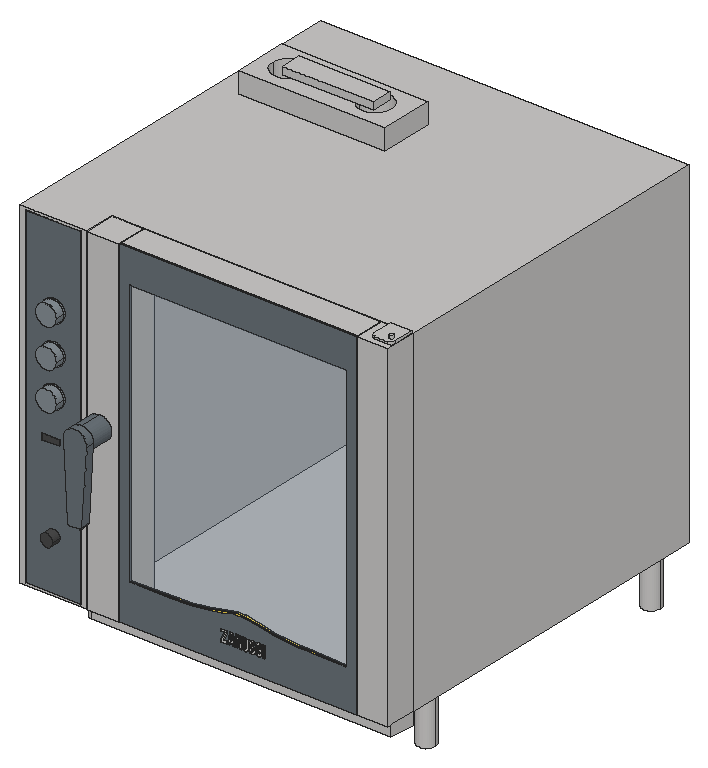
Revit family "QF_ZANUSSI_240473_ZFCG11CSAS", category Specialty Equipment, Revit 2023
Family settings
  Round Connector Dimension = Use Diameter
  Part Type = Normal
  Work Plane-Based = No
  Enable Cutting in Views = No
  Always vertical = Yes
  Cut with Voids When Loaded = No
  Maintain Annotation Orientation = No
  Shared = No
  Room Calculation Point = No
Parameters (values of type "Standard")
  Weight = 136.00 kg
  Watts = 0 W
  Volts = 220 V
  URL Manufacturer = "http://www.zanussiprofessional.com"
  URL = "http://www.zanussiprofessional.com"
  Steam Supply Size = 0 mm
  Steam Supply Minimum Pressure = 0.0 Pa
  Steam Supply Maximum Pressure = 0.0 Pa
  Steam Consumption per Hour = 0
  Show Logo [instance] = yes
  Show Clearance [instance] = yes
  Refrigeration Suction Line Size = 0 mm
  Refrigeration Liquid Line Size = 0 mm
  Refrigerant Compressor Remote = yes
  Default Elevation = 0 mm
  Manufacturer = "Zanussi"
  Phase = 1
  Model = "ZFCG11CSAS"
  Length Actual = 890 mm
  Item Number = "240473"
  Hot Water Size = 0 mm
  Height Actual = 970 mm
  HP = "0.5 HP"
  Gas Size = 12.7 mm
  Gas KW = 18.5
  Gas Input Pressure = 1.1 W
  Direct Waste Size = 25 mm
  Description = "CONVECTION OVEN CW 10 GN 1/1 - GAS"
  Depth Actual = 900 mm
  Cycle = 50 Hz
  Condensate Return Size = 0 mm
  Compressed Air Volume = 0.0 L/s
  Compressed Air Size = 0 mm
  Compressed Air Pressure = 0.0 Pa
  Cold Water Size = 19.05 mm
  Accessory = no
Reference planes
  plane 1 "Center X": y = 96.351
  plane 2: z = 0
  plane 3 "Center Y": x = -330
  plane 4 "LEFT": x = -775
  plane 5 "BACK": y = 551.351
  plane 6 "RIGHT": x = 115
  plane 7 "FRONT": y = -358.649
  plane 8 "FeetLeft": x = -725
  plane 9: y = 501.351
  plane 10 "DoorDepth": y = -283.649
  plane 11 "FeetRight": x = 65
  plane 12 "BASE": z = 130
  plane 13 "TOP": z = 950
  plane 14: z = 0
  plane 15 "1": y = 313.351
  plane 16 "FeetFront": y = -178.649
  plane 17: z = 1018
  plane 18: y = -433.649
  plane 19 "Drain_X": x = -349
  plane 20 "Drain_Y": y = 256.351
  plane 21 "EI_x": x = -676
  plane 22 "EI_y": y = -99.649
  plane 23 "GAS_y": y = 171.351
  plane 24 "Gas_x": x = -692
  plane 25 "CWI_x": x = -659
  plane 26: y = -1044.649
  plane 27: y = 72.351
Forms (mm)
  Extrusion 1, solid, material "QF_Finishes_Stainless Steel"
    sketch origin (0, 73.5, 130) x (-1, 0, 0) y (0, -1, 0)
      loop
        circle (659, 1.149) r 13.2
    from -5 to 0
  Extrusion 2, solid, material "QF_Finishes_Stainless Steel"
    sketch origin (0, 57.5, 130) x (-1, 0, 0) y (0, -1, 0)
      loop
        circle (676, 157.149) r 13.25
    from -5 to 0
  Extrusion 3, solid, material "QF_Finishes_Stainless Steel"
    sketch origin (89, -125, 130) x (-1, 0, 0) y (0, -1, 0)
      loop
        circle (438, -381.351) r 13.25
    from -5 to 0
  Extrusion 4, solid, material "QF_Finishes_Black"
    sketch origin (0, -358.649, 77) x (-1, 0, 0) y (0, 0, 1)
      loop
        circle (693.941, 183.023) r 15
    from 0 to -20
  Extrusion 5, solid, material "QF_Finishes_Stainless Steel"
    sketch origin (15, -153.5, 130) x (-1, 0, 0) y (0, -1, 0)
      loop
        circle (707, -324.851) r 13.25
    from -5 to 0
  Extrusion 6, solid, material "QF_Finishes_Zanussi_Soft Gray"
    sketch origin (0, -358.649, -96) x (-1, 0, 0) y (0, 0, 1)
      loop
        circle (693, 845.824) r 26.676
    from 0 to -3
  Blend 7, solid, material "QF_Finishes_Zanussi_Soft Gray"
    base sketch origin (0, -358.649, -96) x (-1, 0, 0) y (0, 0, 1)
      loop
        circle (693, 845.824) r 25
    top sketch origin (0, -358.649, -96) x (-1, 0, 0) y (0, 0, 1)
      loop
        circle (693, 845.824) r 24.8
    from -3 to -23
  Extrusion 8, solid, material "QF_Finishes_Zanussi_Soft Gray"
    sketch origin (0, -358.649, -105) x (-1, 0, 0) y (0, 0, 1)
      loop
        circle (693, 760.824) r 26.676
    from 0 to -3
  Blend 9, solid, material "QF_Finishes_Zanussi_Soft Gray"
    base sketch origin (0, -358.649, -105) x (-1, 0, 0) y (0, 0, 1)
      loop
        circle (693, 760.824) r 25
    top sketch origin (0, -358.649, -105) x (-1, 0, 0) y (0, 0, 1)
      loop
        circle (693, 760.824) r 24.8
    from -3 to -23
  Extrusion 10, solid, material "QF_Finishes_Zanussi_Soft Gray"
    sketch origin (0, -358.649, 183) x (-1, 0, 0) y (0, 0, 1)
      loop
        circle (693, 380.824) r 26.676
    from 0 to -3
  Blend 11, solid, material "QF_Finishes_Zanussi_Soft Gray"
    base sketch origin (0, -358.649, 183) x (-1, 0, 0) y (0, 0, 1)
      loop
        circle (693, 380.824) r 25
    top sketch origin (0, -358.649, 183) x (-1, 0, 0) y (0, 0, 1)
      loop
        circle (693, 380.824) r 24.8
    from -3 to -23
  Extrusion 12, solid, material "QF_Finishes_Stainless Steel"
    sketch origin (-158.755, 1.577, 1620) x (-1, 0, 0) y (0, -1, 0)
      loop
        line (206.245, -231.774) -> (206.245, -361.774) -> (561.245, -361.774) -> (561.245, -231.774) -> (206.245, -231.774)
      loop
        circle (490.245, -296.774) r 40
      loop
        circle (281.245, -296.774) r 40
    from -670 to -620
  Extrusion 13, solid, material "QF_Finishes_Stainless Steel"
    sketch origin (0, 0, 130) x (-1, 0, 0) y (0, -1, 0)
      loop
        line (775, -551.351) -> (775, 358.649) -> (613, 358.649) -> (613, 283.649) -> (-115, 283.649) -> (-115, -551.351) -> (775, -551.351)
    from 820 to 0
  Extrusion 14, solid, material "QF_Finishes_Zanussi_Dark Gray"
    sketch origin (0, -358.649, 0) x (-1, 0, 0) y (0, 0, 1)
      loop
        line (760, 945) -> (628, 945) -> (628, 135) -> (760, 135) -> (760, 945)
      loop
        line (678.941, 475.023) -> (678.941, 460.023) -> (720.941, 460.023) -> (720.941, 475.023) -> (678.941, 475.023)
    from 0 to 5
  Extrusion 15, void
    sketch origin (0, -358.649, 0) x (-1, 0, 0) y (0, 0, 1)
      loop
        line (760, 945) -> (628, 945) -> (628, 135) -> (760, 135) -> (760, 945)
    from 0 to 5
  Extrusion 16, void
    sketch origin (0, -358.649, 0) x (-1, 0, 0) y (0, 0, 1)
      loop
        line (-87.826, 145) -> (610, 145) -> (610, 930) -> (-87.826, 930) -> (-87.826, 145)
    from 883.561 to 75
  Extrusion 17, solid, material "QF_Finishes_Black"
    sketch origin (-5, -358.649, 195) x (-1, 0, 0) y (0, 0, 1)
      loop
        line (715.941, 280.023) -> (673.941, 280.023) -> (673.941, 265.023) -> (715.941, 265.023) -> (715.941, 280.023)
    from 5 to 0
  Extrusion 18, solid, material "QF_Clearances", detail levels coarse
    sketch origin (0, 0, 0) x (1, 0, 0) y (0, 1, 0)
      loop
        line (-825, -358.649) -> (-775, -358.649) -> (-775, 551.351) -> (115, 551.351) -> (115, -358.649) -> (165, -358.649) -> (165, 601.351) -> (-825, 601.351) -> (-825, -358.649)
    from 950 to 0
  Extrusion 19, solid, material "QF_Finishes_Stainless Steel"
    sketch origin (0, 0, 950) x (-1, 0, 0) y (0, -1, 0)
      loop
        line (645, -323.351) -> (645, -273.351) -> (425, -273.351) -> (425, -323.351) -> (645, -323.351)
    from 68 to 50
Cuts and joins
  Extrusion 15, Extrusion 16 cuts Extrusion 13
Lines and regions (mm)
  symbolic lines
    curve 1: line (-775, -358.649, 1620) -> (-775, 551.351, 1620)
    curve 2: line (-775, 551.351, 1620) -> (115, 551.351, 1620)
    curve 3: line (-613, -283.649, 1620) -> (115, -283.649, 1620)
    curve 4: line (-613, -283.649, 1620) -> (-613, -358.649, 1620)
    curve 5: line (-775, -358.649, 1620) -> (-613, -358.649, 1620)
    curve 6: line (-719.676, -361.649, 1620) -> (-666.324, -361.649, 1620)
    curve 7: line (-719.676, -361.649, 1620) -> (-719.676, -358.649, 1620)
    curve 8: line (-666.324, -361.649, 1620) -> (-666.324, -358.649, 1620)
    curve 9: line (115, 551.351, 1620) -> (115, -358.649, 1620)
    curve 10: line (-717.863, -381.649, 684) -> (-668.2, -381.649, 684)
    curve 11: line (-717.863, -381.649, 684) -> (-718, -361.649, 684)
    curve 12: line (-668.2, -381.649, 684) -> (-668, -361.649, 684)
    curve 18: line (-720, 363.351, 0) -> (-365, 363.351, 0)
    curve 19: line (-720, 233.351, 0) -> (-720, 363.351, 0)
    curve 20: line (-365, 233.351, 0) -> (-720, 233.351, 0)
    curve 21: line (-365, 363.351, 0) -> (-365, 233.351, 0)
    curve 22: arc (-617.775, 273.351, 0) -> (-689, 298.351, 0) -> (-617.775, 323.351, 0) r 40
    curve 23: arc (-471.225, 323.351, 0) -> (-400, 298.351, 0) -> (-471.225, 273.351, 0) r 40
    curve 24: line (-425, 323.351, 0) -> (-645, 323.351, 0)
    curve 25: line (-645, 323.351, 0) -> (-645, 273.351, 0)
    curve 26: line (-645, 273.351, 0) -> (-425, 273.351, 0)
    curve 27: line (-425, 273.351, 0) -> (-425, 323.351, 0)
  symbolic lines, style "QF_Clearances", detail levels coarse
    curve 13: line (-825, -358.649, 0) -> (-825, 601.351, 0)
    curve 14: line (-825, 601.351, 0) -> (165, 601.351, 0)
    curve 15: line (165, 601.351, 0) -> (165, -358.649, 0)
    curve 16: line (165, -358.649, 0) -> (115, -358.649, 0)
    curve 17: line (-825, -358.649, 0) -> (-768.438, -358.649, 0)
Dimensions and locks
  equal spacing: plane 4 "LEFT", plane 3 "Center Y", plane 6 "RIGHT"
  equal spacing: plane 5 "BACK", plane 1 "Center X", plane 7 "FRONT"
  plane 12 "BASE" to plane 14 = 130 mm
  plane 13 "TOP" to plane 12 "BASE" = 820 mm
  plane 13 "TOP" to plane 14 = 950 mm
  plane 5 "BACK" to plane 9 = 50 mm
  plane 9 to plane 16 "FeetFront" = 680 mm
  locked: plane 16 "FeetFront" to plane 7 "FRONT" at 180
  plane 17 to plane 13 "TOP" to plane 12 "BASE" to level = 68 mm, 820 mm, 130 mm
  plane 17 to level = 1018 mm  (x2)
  plane 7 "FRONT" to plane 18 = 75 mm
  plane 5 "BACK" to plane 20 "Drain_Y" = 295 mm
  plane 4 "LEFT" to plane 19 "Drain_X" = 426 mm
  locked: plane 4 "LEFT" to plane 21 "EI_x" at 99
  plane 5 "BACK" to plane 22 "EI_y" = 651 mm
  plane 5 "BACK" to plane 23 "GAS_y" = 380 mm
  plane 4 "LEFT" to plane 24 "Gas_x" = 83 mm
  plane 4 "LEFT" to plane 25 "CWI_x" = 116 mm
  plane 5 "BACK" to plane 15 "1" = 238 mm
  plane 5 "BACK" to plane 26 = 1596 mm
  plane 5 "BACK" to plane 27 = 479 mm
  locked: plane 10 "DoorDepth" to plane 7 "FRONT" at 75
  plane 8 "FeetLeft" to plane 4 "LEFT" = 50 mm
  plane 6 "RIGHT" to plane 11 "FeetRight" = 50 mm
  plane 11 "FeetRight" to plane 8 "FeetLeft" = 790 mm
  plane 5 "BACK" to plane 7 "FRONT" = 910 mm
  plane 4 "LEFT" to plane 6 "RIGHT" = 890 mm
  aligned and locked: level to plane 2
  aligned and locked: plane 12 "BASE" to nested 1
  aligned and locked: plane 12 "BASE" to nested 2
  aligned and locked: plane 12 "BASE" to nested 4
  aligned and locked: plane 12 "BASE" to nested 3
  aligned and locked: nested 5 to plane 10 "DoorDepth"
  aligned and locked: nested 5 to plane 12 "BASE"
  aligned and locked: plane 6 "RIGHT" to nested 5
  aligned and locked: plane 8 "FeetLeft" to nested 4
  aligned and locked: plane 11 "FeetRight" to nested 2
  aligned and locked: plane 11 "FeetRight" to nested 3
  aligned and locked: nested 4 to plane 9
  aligned and locked: nested 3 to plane 9
  aligned and locked: plane 16 "FeetFront" to nested 1
  aligned and locked: plane 16 "FeetFront" to nested 2
Automatic sketch dimensions
  Extrusion 2 sketch curve to plane 21 "EI_x" = 0 mm
  Extrusion 2 sketch curve to plane 22 "EI_y" = 0 mm
  Extrusion 3 sketch curve to plane 19 "Drain_X" = 0 mm
  Extrusion 3 sketch curve to plane 20 "Drain_Y" = 0 mm
  Extrusion 4 sketch curve to plane 24 "Gas_x" = 1.941 mm
  plane 12 "BASE" to Extrusion 4 sketch curve = 130.023 mm
  Extrusion 5 sketch curve to plane 23 "GAS_y" = 0 mm
  Extrusion 5 sketch curve to plane 24 "Gas_x" = 0 mm
  Extrusion 6 sketch curve to plane 24 "Gas_x" = 1 mm
  Extrusion 6 sketch curve to plane 13 "TOP" = 200.176 mm
  Blend 7 sketch curve to plane 24 "Gas_x" = 1 mm  (x2)
  Blend 7 sketch curve to plane 13 "TOP" = 200.176 mm  (x2)
  Extrusion 8 sketch curve to plane 24 "Gas_x" = 1 mm
  Extrusion 8 sketch curve to plane 13 "TOP" = 294.176 mm
  Blend 9 sketch curve to plane 24 "Gas_x" = 1 mm  (x2)
  Blend 9 sketch curve to plane 13 "TOP" = 294.176 mm  (x2)
  Extrusion 10 sketch curve to plane 24 "Gas_x" = 1 mm
  plane 12 "BASE" to Extrusion 10 sketch curve = 433.824 mm
  Blend 11 sketch curve to plane 24 "Gas_x" = 1 mm  (x2)
  plane 12 "BASE" to Blend 11 sketch curve = 433.824 mm  (x2)
  Extrusion 13 sketch curve to plane 5 "BACK" = 0 mm
  Extrusion 13 sketch curve to plane 6 "RIGHT" = 0 mm
  Extrusion 13 sketch curve to plane 10 "DoorDepth" = 0 mm
  Extrusion 13 sketch curve to plane 7 "FRONT" = 0 mm
  Extrusion 13 sketch curve to plane 4 "LEFT" = 0 mm
  plane 21 "EI_x" to Extrusion 13 sketch curve = 63 mm
  Extrusion 15 sketch curve to plane 13 "TOP" = 5 mm
  plane 21 "EI_x" to Extrusion 15 sketch curve = 48 mm
  Extrusion 15 sketch curve to plane 8 "FeetLeft" = 35 mm
  plane 12 "BASE" to Extrusion 15 sketch curve = 5 mm
  Extrusion 16 sketch curve to plane 13 "TOP" = 20 mm
  plane 11 "FeetRight" to Extrusion 16 sketch curve = 22.826 mm
  plane 21 "EI_x" to Extrusion 16 sketch curve = 66 mm
  plane 12 "BASE" to Extrusion 16 sketch curve = 15 mm
  Extrusion 14 sketch curve to plane 13 "TOP" = 5 mm
  plane 21 "EI_x" to Extrusion 14 sketch curve = 48 mm
  Extrusion 14 sketch curve to plane 21 "EI_x" = 2.941 mm
  plane 8 "FeetLeft" to Extrusion 14 sketch curve = 4.059 mm
  plane 4 "LEFT" to Extrusion 14 sketch curve = 15 mm
  plane 12 "BASE" to Extrusion 14 sketch curve = 345.023 mm
  Extrusion 14 sketch curve to Extrusion 14 sketch curve = 15 mm
  plane 12 "BASE" to Extrusion 14 sketch curve = 5 mm
  Extrusion 17 sketch curve to plane 21 "EI_x" = 2.941 mm
  plane 8 "FeetLeft" to Extrusion 17 sketch curve = 4.059 mm
  plane 12 "BASE" to Extrusion 17 sketch curve = 330.023 mm
  Extrusion 17 sketch curve to Extrusion 17 sketch curve = 15 mm
  curve 3 to plane 10 "DoorDepth" = 0 mm
  curve 5 to plane 7 "FRONT" = 0 mm
  curve 2 to plane 4 "LEFT" = 0 mm
  curve 1 to plane 5 "BACK" = 0 mm
  plane 21 "EI_x" to curve 3 = 63 mm
  curve 8 to plane 7 "FRONT" = 3 mm
  plane 21 "EI_x" to curve 8 = 9.676 mm
  plane 8 "FeetLeft" to curve 6 = 5.324 mm
  curve 9 to plane 6 "RIGHT" = 0 mm
  curve 9 to plane 7 "FRONT" = 0 mm
  Extrusion 18 sketch curve to plane 7 "FRONT" = 0 mm  (x2)
  Extrusion 18 sketch curve to plane 4 "LEFT" = 0 mm
  Extrusion 18 sketch curve to plane 5 "BACK" = 0 mm
  Extrusion 18 sketch curve to plane 6 "RIGHT" = 0 mm
  Extrusion 18 sketch curve to Extrusion 18 sketch curve = 50 mm
  plane 6 "RIGHT" to Extrusion 18 sketch curve = 50 mm
  plane 5 "BACK" to Extrusion 18 sketch curve = 50 mm
  Extrusion 1 sketch curve to plane 25 "CWI_x" = 0 mm
  Extrusion 1 sketch curve to plane 27 = 0 mm
  Extrusion 12 sketch curve to plane 19 "Drain_X" = 16 mm
  Extrusion 12 sketch curve to plane 15 "1" = 15 mm  (x2)
  Extrusion 12 sketch curve to plane 19 "Drain_X" = 91 mm
  plane 25 "CWI_x" to Extrusion 12 sketch curve = 10 mm
  plane 15 "1" to Extrusion 12 sketch curve = 50 mm
  Extrusion 12 sketch curve to plane 20 "Drain_Y" = 23 mm
  plane 8 "FeetLeft" to Extrusion 12 sketch curve = 5 mm
  plane 15 "1" to Extrusion 19 sketch curve = 10 mm
  Extrusion 19 sketch curve to plane 19 "Drain_X" = 76 mm
  plane 25 "CWI_x" to Extrusion 19 sketch curve = 14 mm
  plane 20 "Drain_Y" to Extrusion 19 sketch curve = 17 mm
  curve 13 to plane 7 "FRONT" = 0 mm
  curve 16 to plane 6 "RIGHT" = 0 mm
  curve 16 to plane 7 "FRONT" = 0 mm
  curve 21 to plane 19 "Drain_X" = 16 mm
  plane 15 "1" to curve 24 = 10 mm
  curve 24 to curve 18 = 60 mm
  curve 23 to curve 26 = 15 mm
  plane 25 "CWI_x" to curve 25 = 14 mm
  plane 25 "CWI_x" to curve 22 = 10 mm
  plane 8 "FeetLeft" to curve 19 = 5 mm
  curve 17 to plane 4 "LEFT" = 50 mm
  plane 6 "RIGHT" to curve 15 = 50 mm
  curve 20 to plane 20 "Drain_Y" = 23 mm
  curve 22 to plane 15 "1" = 15 mm
  curve 23 to plane 15 "1" = 15 mm
  plane 15 "1" to curve 18 = 50 mm
  plane 5 "BACK" to curve 14 = 50 mm
  curve 23 to curve 23 = 31.225 mm
  plane 20 "Drain_Y" to curve 23 = 17 mm
  curve 24 to curve 22 = 27.225 mm
  plane 4 "LEFT" to curve 17 = 6.562 mm
  plane 21 "EI_x" to curve 12 = 7.8 mm
  curve 12 to plane 7 "FRONT" = 23 mm
  curve 12 to plane 7 "FRONT" = 3 mm
  plane 21 "EI_x" to curve 12 = 8 mm
  plane 8 "FeetLeft" to curve 11 = 7.137 mm
  curve 11 to plane 7 "FRONT" = 3 mm
  plane 8 "FeetLeft" to curve 11 = 7 mm
  radius of Extrusion 2 sketch curve = 13.25 mm
  radius of Extrusion 3 sketch curve = 13.25 mm
  radius of Extrusion 4 sketch curve = 15 mm
  radius of Extrusion 5 sketch curve = 13.25 mm
  radius of Extrusion 6 sketch curve = 26.676 mm
  radius of Blend 7 sketch curve = 25 mm
  radius of Blend 7 sketch curve = 24.8 mm
  radius of Extrusion 8 sketch curve = 26.676 mm
  radius of Blend 9 sketch curve = 25 mm
  radius of Blend 9 sketch curve = 24.8 mm
  radius of Extrusion 10 sketch curve = 26.676 mm
  radius of Blend 11 sketch curve = 25 mm
  radius of Blend 11 sketch curve = 24.8 mm
  radius of Extrusion 1 sketch curve = 13.2 mm
  radius of Extrusion 12 sketch curve = 40 mm  (x2)
Nested families
  nested 1: "Foot" at (-725, -178.649, 0), type "Foot"
    with Ø 22 mm, H 130 mm
  nested 2: "Foot" at (65, -178.649, 0), type "Foot"
    with Ø 22 mm, H 130 mm
  nested 3: "Foot" at (65, 501.351, 0), type "Foot"
    with Ø 22 mm, H 130 mm
  nested 4: "Foot" at (-725, 501.351, 0), type "Foot"
    with Ø 22 mm, H 130 mm
  nested 5: "ZAN_DOOR_CROSSWISE_H820" at (115, -286.649, 0), type "ZAN_DOOR_CROSSWISE_H820"
    with Show Clearance yes
Connectors
  piping at (-349, 256.351, 125), diameter 25, driven by "Direct Waste Size"
    settings: on Extrusion 3, index 6, connector inside diameter 609.6 mm, connector length 0 mm, flow factor 0, pipe flow 0.0 L/s, pressure drop 0.0 Pa, fitting loss kfactor 0, connector angle 0.00°, fixture units 0, engagement length 0 mm, angle of deflection 0.00°, flow configuration 0, flow direction 2, fitting loss method 0, system type 16, joint type 0, gender type 0, connector reference index -1, connector utility 0, adjustable connector no, is connector primary yes, connector description "Drain"
  electrical at (-676, -99.649, 125)
    settings: on Extrusion 2, index 7, voltage 0 V, apparent load 0 VA, apparent load phase1 0 VA, apparent load phase2 0 VA, apparent load phase3 0 VA, power factor 1, load classification "Altro", number of poles 1, system type 30, power factor state 1, is connector primary yes, connector utility no, sub classification motor no, connector description "Electrical Connection"
  piping at (-659, 72.351, 125), diameter 19.05, driven by "Cold Water Size"
    settings: on Extrusion 1, index 8, connector inside diameter 609.6 mm, connector length 0 mm, flow factor 0, pipe flow 0.0 L/s, pressure drop 0.0 Pa, fitting loss kfactor 0, connector angle 0.00°, fixture units 0, engagement length 0 mm, angle of deflection 0.00°, flow configuration 0, flow direction 1, fitting loss method 0, system type 20, joint type 0, gender type 0, connector reference index -1, connector utility 0, adjustable connector no, is connector primary no, connector description "Cold Water Inlet"
  piping at (-692, 171.351, 125), diameter 26.4
    settings: on Extrusion 5, index 9, connector inside diameter 609.6 mm, connector length 0 mm, flow factor 0, pipe flow 0.0 L/s, pressure drop 0.0 Pa, fitting loss kfactor 0, connector angle 0.00°, fixture units 0, engagement length 0 mm, angle of deflection 0.00°, flow configuration 0, flow direction 1, fitting loss method 0, system type 7, joint type 0, gender type 0, connector reference index -1, connector utility 0, adjustable connector no, is connector primary no, connector description "Gas Connection"
Definition of nested family "Foot"
  Parameters
    Ø [instance] = 20 mm
    Default Elevation = 0 mm
    H [instance] = 50 mm
  Reference planes
    plane 1 "Centro (Fronte/Retro)": y = 0
    plane 2: z = 0
    plane 3 "Centro (Sinistra/Destra)": x = 0
    plane 4: z = 50
  Forms (mm)
    Revolve 1, solid
      sketch origin (255.05, 0, 608.09) x (0, 0, 1) y (-1, 0, 0)
        loop
          line (-608.09, 255.05) -> (-608.09, 235.05) -> (-558.09, 235.05) -> (-558.09, 255.05) -> (-608.09, 255.05)
        axis (-608.09, 255.05) -> (-558.09, 255.05)
      angle from 0 to 360
  Dimensions and locks
    "H": plane 4 to plane 2
    "Ø": Revolve 1 sketch curve to Revolve 1 sketch curve
    aligned and locked: level to plane 2
    aligned and locked: plane 4 to Revolve 1 sketch curve
    aligned and locked: Revolve 1 sketch curve to level
    aligned and locked: plane 3 "Centro (Sinistra/Destra)" to Revolve 1 sketch curve
  Automatic sketch dimensions
    Revolve 1 sketch curve to plane 3 "Centro (Sinistra/Destra)" = 0 mm
    Revolve 1 sketch curve to Revolve 1 sketch curve = 50 mm
    Revolve 1 sketch curve to Revolve 1 sketch curve = 20 mm
Definition of nested family "ZAN_DOOR_CROSSWISE_H820"
  Parameters (values of type "ZAN_DOOR_CROSSWISE_H820")
    sp_Lama = 5 mm
    Z_Maniglia = 405 mm
    W_Door = 725 mm
    Show Clearance [instance] = yes
    Default Elevation = 0 mm
    H_Feet = 130 mm
    H_FasciaTop = 75 mm
    H_Door = 820 mm
    W_fasce = 75 mm
    Direct Waste Size = 25 mm
  Reference planes
    plane 1 "Center (Front/Back)": y = 3
    plane 2: z = 0
    plane 3 "Center (Left/Right)": x = 0
    plane 4 "Top": z = 950
    plane 5 "Feet": z = 130
    plane 6 "Front": y = -72
    plane 7: z = 945
    plane 8: z = 870
    plane 9: x = -625
    plane 10: x = -75
    plane 11: x = -725
    plane 12: x = -650
    plane 13: x = -100
    plane 14: x = -649
    plane 15: x = -76
    plane 16: z = 154
    plane 17: z = 535
    plane 18: x = -697
  Forms (mm)
    Extrusion 1, solid
      sketch origin (0, -72, 0) x (0, 0, -1) y (-1, 0, 0)
        loop
          line (-950, 725) -> (-950, 650) -> (-130, 650) -> (-130, 725) -> (-950, 725)
        loop
          line (-950, 0) -> (-130, 0) -> (-130, 75) -> (-950, 75) -> (-950, 0)
      from 0 to 75
    Extrusion 2, solid
      sketch origin (0, -72, 0) x (0, 0, -1) y (-1, 0, 0)
        loop
          line (-226.277, 625) -> (-870, 625) -> (-870, 100) -> (-226.277, 100) -> (-226.277, 179.596) -> (-226.464, 194.035) -> (-226.816, 214.136)
          arc (-226.816, 214.136) -> (-227.121, 224.207) -> (-227.693, 234.266) r 381.251
          arc (-227.693, 234.266) -> (-229.438, 254.344) -> (-232.142, 274.315) r 421.149
          arc (-232.142, 274.315) -> (-235.022, 290.185) -> (-238.297, 305.979) r 647.683
          arc (-238.297, 305.979) -> (-241.149, 319.693) -> (-243.677, 333.471) r 593.178
          arc (-243.677, 333.471) -> (-244.098, 337.378) -> (-244.435, 341.294) r 181.693
          arc (-244.435, 341.294) -> (-244.748, 347.295) -> (-244.843, 353.303) r 166.118
          arc (-244.843, 353.303) -> (-244.747, 359.31) -> (-244.433, 365.309) r 166.118
          arc (-244.433, 365.309) -> (-244.097, 369.204) -> (-243.677, 373.091) r 181.693
          arc (-243.677, 373.091) -> (-241.149, 386.869) -> (-238.297, 400.583) r 593.179
          arc (-238.297, 400.583) -> (-235.025, 416.365) -> (-232.147, 432.223) r 647.683
          arc (-232.147, 432.223) -> (-229.444, 452.168) -> (-227.698, 472.219) r 421.148
          arc (-227.698, 472.219) -> (-227.123, 482.317) -> (-226.816, 492.426) r 381.251
          line (-226.816, 492.426) -> (-226.464, 512.527) -> (-226.277, 526.966) -> (-226.277, 625)
        loop
          line (-130, 76) -> (-130, 649) -> (-950, 649) -> (-950, 76) -> (-130, 76)
      from 0 to 5
    Extrusion 3, void
      sketch origin (-100, -72, 0) x (-1, 0, 0) y (0, 0, 1)
        loop
          line (288.603, 173.973) -> (303.509, 173.973) -> (303.509, 179.706) -> (295.318, 196.905) -> (302.853, 196.741) -> (302.853, 201.982) -> (288.603, 201.982) -> (288.603, 197.232) -> (297.201, 179.706) -> (288.603, 179.706) -> (288.603, 173.973)
        loop
          line (280.375, 184.456) -> (278.737, 197.195) -> (277.1, 184.456) -> (280.375, 184.456)
        loop
          line (281.849, 173.973) -> (287.746, 173.973) -> (282.669, 201.982) -> (274.806, 201.982) -> (269.565, 173.973) -> (275.461, 173.973) -> (276.281, 179.378) -> (281.031, 179.378) -> (281.849, 173.973)
        loop
          line (268.839, 201.982) -> (262.778, 201.982) -> (258.028, 184.128) -> (258.028, 201.982) -> (252.786, 201.982) -> (252.786, 173.973) -> (259.011, 173.973) -> (263.761, 192.482) -> (263.761, 173.973) -> (268.839, 173.973) -> (268.839, 201.982)
        loop
          line (251.476, 180.9) -> (251.476, 201.982) -> (245.743, 201.982) -> (245.743, 180.689)
          arc (245.743, 180.689) -> (243.81, 179.443) -> (242.303, 181.18) r 1.755
          line (242.303, 181.18) -> (242.303, 201.982) -> (236.57, 201.982) -> (236.57, 179.87)
          arc (236.57, 179.87) -> (244.469, 173.928) -> (251.476, 180.9) r 7.548
        loop
          line (225.923, 193.137) -> (225.923, 196.183)
          arc (225.923, 196.183) -> (228.232, 197.801) -> (229.849, 195.492) r 1.993
          arc (229.849, 195.492) -> (229.394, 194.205) -> (228.544, 193.137) r 4.132
          line (228.544, 193.137) -> (222.261, 187.482)
          arc (222.261, 187.482) -> (220.244, 183.234) -> (220.358, 178.532) r 10.152
          arc (220.358, 178.532) -> (226.648, 173.979) -> (234.116, 176.106) r 8.889
          arc (234.116, 176.106) -> (235.696, 179.791) -> (235.751, 183.801) r 10.311
          line (235.751, 183.801) -> (230.033, 183.801)
          arc (230.033, 183.801) -> (230.009, 183.099) -> (230.033, 182.396) r 10.165
          arc (230.033, 182.396) -> (230.059, 181.653) -> (230.033, 180.91) r 10.759
          arc (230.033, 180.91) -> (229.7, 179.855) -> (228.922, 179.068) r 2.359
          arc (228.922, 179.068) -> (226.339, 179.656) -> (226.065, 182.291) r 2.275
          arc (226.065, 182.291) -> (227.174, 183.799) -> (228.6, 185.01) r 8.056
          line (228.6, 185.01) -> (231.016, 187.151)
          arc (231.016, 187.151) -> (233.167, 189.4) -> (234.919, 191.972) r 18.895
          arc (234.919, 191.972) -> (235.183, 196.623) -> (233.05, 200.765) r 8.857
          arc (233.05, 200.765) -> (227.818, 202.471) -> (222.586, 200.765) r 8.876
          arc (222.586, 200.765) -> (220.806, 198.522) -> (220.429, 195.684) r 5.378
          line (220.429, 195.684) -> (220.518, 193.137) -> (225.923, 193.137)
        loop
          line (209.587, 193.137) -> (209.587, 196.183)
          arc (209.587, 196.183) -> (211.896, 197.801) -> (213.513, 195.492) r 1.993
          arc (213.513, 195.492) -> (213.058, 194.205) -> (212.208, 193.137) r 4.132
          line (212.208, 193.137) -> (205.924, 187.482)
          arc (205.924, 187.482) -> (203.908, 183.234) -> (204.022, 178.532) r 10.152
          arc (204.022, 178.532) -> (210.312, 173.979) -> (217.779, 176.106) r 8.889
          arc (217.779, 176.106) -> (219.36, 179.791) -> (219.415, 183.801) r 10.311
          line (219.415, 183.801) -> (213.696, 183.801)
          arc (213.696, 183.801) -> (213.672, 183.099) -> (213.696, 182.396) r 10.165
          arc (213.696, 182.396) -> (213.722, 181.653) -> (213.696, 180.91) r 10.759
          arc (213.696, 180.91) -> (213.363, 179.855) -> (212.586, 179.068) r 2.359
          arc (212.586, 179.068) -> (210.003, 179.656) -> (209.729, 182.291) r 2.275
          arc (209.729, 182.291) -> (210.837, 183.799) -> (212.264, 185.01) r 8.056
          line (212.264, 185.01) -> (214.679, 187.151)
          arc (214.679, 187.151) -> (216.83, 189.4) -> (218.583, 191.972) r 18.895
          arc (218.583, 191.972) -> (218.847, 196.623) -> (216.714, 200.765) r 8.857
          arc (216.714, 200.765) -> (211.482, 202.471) -> (206.25, 200.765) r 8.876
          arc (206.25, 200.765) -> (204.469, 198.522) -> (204.093, 195.684) r 5.378
          line (204.093, 195.684) -> (204.182, 193.137) -> (209.587, 193.137)
        loop
          line (202.992, 201.982) -> (197.259, 201.982) -> (197.259, 173.973) -> (202.992, 173.973) -> (202.992, 201.982)
      from 0 to 2
    Extrusion 4, solid
      sketch origin (0, -72, 0) x (0, 0, -1) y (-1, 0, 0)
        loop
          line (-173.973, 388.603) -> (-173.973, 403.509) -> (-179.706, 403.509) -> (-196.905, 395.318) -> (-196.741, 402.853) -> (-201.982, 402.853) -> (-201.982, 388.603) -> (-197.232, 388.603) -> (-179.706, 397.201) -> (-179.706, 388.603) -> (-173.973, 388.603)
        loop
          line (-184.456, 380.375) -> (-197.195, 378.737) -> (-184.456, 377.1) -> (-184.456, 380.375)
        loop
          line (-173.973, 381.849) -> (-173.973, 387.746) -> (-201.982, 382.669) -> (-201.982, 374.806) -> (-173.973, 369.565) -> (-173.973, 375.461) -> (-179.378, 376.281) -> (-179.378, 381.031) -> (-173.973, 381.849)
        loop
          line (-201.982, 368.839) -> (-201.982, 362.778) -> (-184.128, 358.028) -> (-201.982, 358.028) -> (-201.982, 352.786) -> (-173.973, 352.786) -> (-173.973, 359.011) -> (-192.482, 363.761) -> (-173.973, 363.761) -> (-173.973, 368.839) -> (-201.982, 368.839)
        loop
          line (-180.9, 351.476) -> (-201.982, 351.476) -> (-201.982, 345.743) -> (-180.689, 345.743)
          arc (-180.689, 345.743) -> (-179.443, 343.81) -> (-181.18, 342.303) r 1.755
          line (-181.18, 342.303) -> (-201.982, 342.303) -> (-201.982, 336.57) -> (-179.87, 336.57)
          arc (-179.87, 336.57) -> (-173.928, 344.469) -> (-180.9, 351.476) r 7.548
        loop
          line (-193.137, 325.923) -> (-196.183, 325.923)
          arc (-196.183, 325.923) -> (-197.801, 328.232) -> (-195.492, 329.849) r 1.993
          arc (-195.492, 329.849) -> (-194.205, 329.394) -> (-193.137, 328.544) r 4.132
          line (-193.137, 328.544) -> (-187.482, 322.261)
          arc (-187.482, 322.261) -> (-183.234, 320.244) -> (-178.532, 320.358) r 10.152
          arc (-178.532, 320.358) -> (-173.979, 326.648) -> (-176.106, 334.116) r 8.889
          arc (-176.106, 334.116) -> (-179.791, 335.696) -> (-183.801, 335.751) r 10.311
          line (-183.801, 335.751) -> (-183.801, 330.033)
          arc (-183.801, 330.033) -> (-183.099, 330.009) -> (-182.396, 330.033) r 10.165
          arc (-182.396, 330.033) -> (-181.653, 330.059) -> (-180.91, 330.033) r 10.759
          arc (-180.91, 330.033) -> (-179.855, 329.7) -> (-179.068, 328.922) r 2.359
          arc (-179.068, 328.922) -> (-179.656, 326.339) -> (-182.291, 326.065) r 2.275
          arc (-182.291, 326.065) -> (-183.799, 327.174) -> (-185.01, 328.6) r 8.056
          line (-185.01, 328.6) -> (-187.151, 331.016)
          arc (-187.151, 331.016) -> (-189.4, 333.167) -> (-191.972, 334.919) r 18.895
          arc (-191.972, 334.919) -> (-196.623, 335.183) -> (-200.765, 333.05) r 8.857
          arc (-200.765, 333.05) -> (-202.471, 327.818) -> (-200.765, 322.586) r 8.876
          arc (-200.765, 322.586) -> (-198.522, 320.806) -> (-195.684, 320.429) r 5.378
          line (-195.684, 320.429) -> (-193.137, 320.518) -> (-193.137, 325.923)
        loop
          line (-193.137, 309.587) -> (-196.183, 309.587)
          arc (-196.183, 309.587) -> (-197.801, 311.896) -> (-195.492, 313.513) r 1.993
          arc (-195.492, 313.513) -> (-194.205, 313.058) -> (-193.137, 312.208) r 4.132
          line (-193.137, 312.208) -> (-187.482, 305.924)
          arc (-187.482, 305.924) -> (-183.234, 303.908) -> (-178.532, 304.022) r 10.152
          arc (-178.532, 304.022) -> (-173.979, 310.312) -> (-176.106, 317.779) r 8.889
          arc (-176.106, 317.779) -> (-179.791, 319.36) -> (-183.801, 319.415) r 10.311
          line (-183.801, 319.415) -> (-183.801, 313.696)
          arc (-183.801, 313.696) -> (-183.099, 313.672) -> (-182.396, 313.696) r 10.165
          arc (-182.396, 313.696) -> (-181.653, 313.722) -> (-180.91, 313.696) r 10.759
          arc (-180.91, 313.696) -> (-179.855, 313.363) -> (-179.068, 312.586) r 2.359
          arc (-179.068, 312.586) -> (-179.656, 310.003) -> (-182.291, 309.729) r 2.275
          arc (-182.291, 309.729) -> (-183.799, 310.837) -> (-185.01, 312.264) r 8.056
          line (-185.01, 312.264) -> (-187.151, 314.679)
          arc (-187.151, 314.679) -> (-189.4, 316.83) -> (-191.972, 318.583) r 18.895
          arc (-191.972, 318.583) -> (-196.623, 318.847) -> (-200.765, 316.714) r 8.857
          arc (-200.765, 316.714) -> (-202.471, 311.482) -> (-200.765, 306.25) r 8.876
          arc (-200.765, 306.25) -> (-198.522, 304.469) -> (-195.684, 304.093) r 5.378
          line (-195.684, 304.093) -> (-193.137, 304.182) -> (-193.137, 309.587)
        loop
          line (-201.982, 302.992) -> (-201.982, 297.259) -> (-173.973, 297.259) -> (-173.973, 302.992) -> (-201.982, 302.992)
      from 0 to 2
    Extrusion 5, solid
      sketch origin (0, -72, 0) x (0, 0, -1) y (-1, 0, 0)
        loop
          line (-945, 649) -> (-945, 625) -> (-154, 625) -> (-154, 100) -> (-945, 100) -> (-945, 76) -> (-130, 76) -> (-130, 649) -> (-945, 649)
      from 5 to 75
    Extrusion 6, solid
      sketch origin (0, -72, 0) x (0, 0, -1) y (-1, 0, 0)
        loop
          line (-945, 625) -> (-945, 100) -> (-154, 100) -> (-154, 625) -> (-945, 625)
      from 75 to 70
    Extrusion 7, solid
      sketch origin (0, -72, 0) x (0, 0, -1) y (-1, 0, 0)
        loop
          line (-945, 649) -> (-950, 649) -> (-950, 76) -> (-945, 76) -> (-945, 649)
      from 5 to 75
    Extrusion 8, solid
      sketch origin (-100, -72, -17) x (-1, 0, 0) y (0, 0, 1)
        loop
          arc (608.817, 368.345) -> (612.24, 369.7) -> (613.808, 373.032) r 5
          line (613.808, 373.032) -> (624.987, 551.163)
          arc (624.987, 551.163) -> (596.54, 579.996) -> (569.055, 550.244) r 28
          line (569.055, 550.244) -> (580.194, 373.003)
          arc (580.194, 373.003) -> (581.77, 369.69) -> (585.183, 368.345) r 5
          line (585.183, 368.345) -> (608.817, 368.345)
      from -55 to -75
    Extrusion 9, solid
      sketch origin (0, -72, 0) x (0, 0, -1) y (-1, 0, 0)
        loop
          circle (-535, 697) r 28
      from 0 to -55
    Extrusion 10, solid
      sketch origin (0, 0, 0) x (0, 1, 0) y (0, 0, 1)
        loop
          line (-62, 130) -> (-62, 105) -> (3, 100.455) -> (3, 130) -> (-62, 130)
      from -725 to 0
    Extrusion 11, solid
      sketch origin (0, 0, 950) x (0, -1, 0) y (1, 0, 0)
        loop
          circle (38.919, -17.1) r 5
      from 10 to 5
    Extrusion 12, solid
      sketch origin (0, 0, 950) x (0, -1, 0) y (1, 0, 0)
        loop
          line (-3, -52.67) -> (47, -52.67)
          arc (47, -52.67) -> (54.071, -49.741) -> (57, -42.67) r 10
          line (57, -42.67) -> (57, -12.67)
          arc (57, -12.67) -> (54.071, -5.598) -> (47, -2.67) r 10
          line (47, -2.67) -> (-3, -2.67) -> (-3, -52.67)
      from 5 to 0
    Extrusion 13, solid, detail levels coarse
      sketch origin (-100, 215.149, 0) x (1, 0, 0) y (0, 1, 0)
        loop
          line (100, -972.149) -> (100, -287.149) -> (-625.004, -287.149)
          arc (-625.004, -287.149) -> (-403.591, -778.978) -> (100, -972.149) r 708.043
      from 950 to 130
    Extrusion 14, solid
      sketch origin (0, -72, 0) x (0, 0, -1) y (-1, 0, 0)
        loop
          line (-870, 625) -> (-870, 100) -> (-226.277, 100) -> (-228.887, 193.987) -> (-229.313, 214.075)
          arc (-229.313, 214.075) -> (-229.647, 224.091) -> (-230.232, 234.096) r 398.755
          arc (-230.232, 234.096) -> (-232.012, 254.045) -> (-234.745, 273.886) r 418.492
          arc (-234.745, 273.886) -> (-237.493, 288.79) -> (-240.528, 303.64) r 786.502
          arc (-240.528, 303.64) -> (-243.753, 318.136) -> (-246.344, 332.759) r 340.705
          arc (-246.344, 332.759) -> (-247.057, 338.079) -> (-247.553, 343.424) r 132.002
          arc (-247.553, 343.424) -> (-247.817, 348.358) -> (-247.896, 353.299) r 132.002
          arc (-247.896, 353.299) -> (-247.815, 358.239) -> (-247.55, 363.173) r 132.002
          arc (-247.55, 363.173) -> (-247.055, 368.5) -> (-246.344, 373.803) r 132.002
          arc (-246.344, 373.803) -> (-243.753, 388.426) -> (-240.528, 402.923) r 340.705
          arc (-240.528, 402.923) -> (-237.495, 417.76) -> (-234.749, 432.652) r 786.502
          arc (-234.749, 432.652) -> (-232.016, 452.488) -> (-230.234, 472.433) r 418.492
          arc (-230.234, 472.433) -> (-229.647, 482.454) -> (-229.313, 492.487) r 398.755
          line (-229.313, 492.487) -> (-228.887, 512.575) -> (-226.277, 625) -> (-870, 625)
      from 0 to 5
    Extrusion 15, solid
      sketch origin (0, -72, 0) x (0, 0, -1) y (-1, 0, 0)
        loop
          line (-228.887, 512.575) -> (-229.313, 492.487)
          arc (-229.313, 492.487) -> (-229.647, 482.454) -> (-230.234, 472.433) r 398.755
          arc (-230.234, 472.433) -> (-232.016, 452.488) -> (-234.749, 432.652) r 418.492
          arc (-234.749, 432.652) -> (-237.495, 417.76) -> (-240.528, 402.923) r 786.502
          arc (-240.528, 402.923) -> (-243.753, 388.426) -> (-246.344, 373.803) r 340.705
          arc (-246.344, 373.803) -> (-247.055, 368.5) -> (-247.55, 363.173) r 132.002
          arc (-247.55, 363.173) -> (-247.815, 358.239) -> (-247.896, 353.299) r 132.002
          arc (-247.896, 353.299) -> (-247.817, 348.358) -> (-247.553, 343.424) r 132.002
          arc (-247.553, 343.424) -> (-247.057, 338.079) -> (-246.344, 332.759) r 132.002
          arc (-246.344, 332.759) -> (-243.753, 318.136) -> (-240.528, 303.64) r 340.705
          arc (-240.528, 303.64) -> (-237.493, 288.79) -> (-234.745, 273.886) r 786.502
          arc (-234.745, 273.886) -> (-232.012, 254.045) -> (-230.232, 234.096) r 418.492
          arc (-230.232, 234.096) -> (-229.647, 224.091) -> (-229.313, 214.075) r 398.755
          line (-229.313, 214.075) -> (-228.887, 193.987) -> (-226.277, 100) -> (-226.277, 179.596) -> (-226.464, 194.035) -> (-226.816, 214.136)
          arc (-226.816, 214.136) -> (-227.121, 224.207) -> (-227.693, 234.266) r 381.251
          arc (-227.693, 234.266) -> (-229.438, 254.344) -> (-232.142, 274.315) r 421.149
          arc (-232.142, 274.315) -> (-235.022, 290.185) -> (-238.297, 305.979) r 647.683
          arc (-238.297, 305.979) -> (-241.149, 319.693) -> (-243.677, 333.471) r 593.178
          arc (-243.677, 333.471) -> (-244.328, 338.674) -> (-244.808, 343.895) r 159.419
          arc (-244.808, 343.895) -> (-245.055, 348.594) -> (-245.149, 353.299) r 143.741
          arc (-245.149, 353.299) -> (-245.054, 358.003) -> (-244.805, 362.702) r 143.741
          arc (-244.805, 362.702) -> (-244.326, 367.906) -> (-243.677, 373.091) r 159.42
          arc (-243.677, 373.091) -> (-241.149, 386.869) -> (-238.297, 400.583) r 593.179
          arc (-238.297, 400.583) -> (-235.025, 416.365) -> (-232.147, 432.223) r 647.683
          arc (-232.147, 432.223) -> (-229.444, 452.168) -> (-227.698, 472.219) r 421.148
          arc (-227.698, 472.219) -> (-227.123, 482.317) -> (-226.816, 492.426) r 381.251
          line (-226.816, 492.426) -> (-226.464, 512.527) -> (-226.277, 526.966) -> (-226.277, 625) -> (-228.887, 512.575)
      from 0 to 5
  Cuts and joins
    Extrusion 3 cuts Extrusion 2
  Lines and regions (mm)
    symbolic lines
      curve 1: line (-724.987, -127, 0) -> (-661.987, -127, 0)
      curve 2: line (-724.987, -147, 0) -> (-724.987, -72.467, 0)
      curve 3: line (-661.987, -147, 0) -> (-724.987, -147, 0)
      curve 4: line (-661.987, -72.467, 0) -> (-661.987, -147, 0)
      curve 5: line (-724.996, 3, 0) -> (0, 3, 0)
      curve 6: line (-724.996, -72.467, 0) -> (-724.996, 3, 0)
      curve 7: line (0, -72.467, 0) -> (-724.996, -72.467, 0)
      curve 8: line (0, 3, 0) -> (0, -72.467, 0)
      curve 9: line (-625, -72.467, 0) -> (-625, 3, 0)
      curve 10: line (-75, -72.467, 0) -> (-75, 3, 0)
      curve 11: arc (-52.67, -47, 0) -> (-49.741, -54.071, 0) -> (-42.67, -57, 0) r 10
      curve 12: line (-42.67, -57, 0) -> (-12.67, -57, 0)
      curve 13: arc (-12.67, -57, 0) -> (-5.598, -54.071, 0) -> (-2.67, -47, 0) r 10
      curve 14: line (-2.67, -47, 0) -> (-2.67, 3, 0)
      curve 15: line (-52.67, 3, 0) -> (-52.67, -47, 0)
      curve 16: circle (-17.1, -38.919, 0) r 5 normal (0, 0, 1)
      curve 17: line (0, -745.041, 0) -> (0, -72.467, 0)
      curve 18: arc (-725.004, -72, 0) -> (-503.591, -563.829, 0) -> (0, -757, 0) r 708.043
  Dimensions and locks
    plane 1 "Center (Front/Back)" to plane 6 "Front" = 75 mm
    "H_Feet": plane 5 "Feet" to level
    "H_Door": plane 4 "Top" to plane 5 "Feet"
    "sp_Lama": plane 4 "Top" to plane 7
    "H_FasciaTop": plane 7 to plane 8
    "W_fasce": plane 11 to plane 12
    "W_fasce": plane 3 "Center (Left/Right)" to plane 10
    locked: plane 14 to plane 12 at 1
    plane 15 to plane 10 = 1 mm
    locked: plane 9 to plane 14 at 24
    locked: plane 15 to plane 13 at 24
    locked: plane 16 to plane 5 "Feet" at 24
    "Z_Maniglia": plane 17 to plane 5 "Feet"
    plane 11 to plane 18 = 28 mm
    "W_Door": plane 11 to plane 3 "Center (Left/Right)"
    aligned and locked: level to plane 2
    aligned and locked: Extrusion 7 to plane 7
    aligned and locked: plane 7 to Extrusion 6
    aligned and locked: plane 7 to Extrusion 5  (x2)
    aligned and locked: Extrusion 1 to plane 4 "Top"  (x2)
    aligned and locked: Extrusion 13 to plane 4 "Top"
    aligned and locked: Extrusion 7 to plane 4 "Top"
    aligned and locked: cut or joined group of Extrusion 2, Extrusion 3 to plane 4 "Top"
    aligned and locked: cut or joined group of Extrusion 2, Extrusion 3 to plane 8
    aligned and locked: plane 5 "Feet" to Extrusion 5
    aligned and locked: plane 5 "Feet" to Extrusion 13
    aligned and locked: plane 5 "Feet" to Extrusion 1  (x2)
    aligned and locked: plane 5 "Feet" to cut or joined group of Extrusion 2, Extrusion 3
    aligned and locked: Extrusion 5 to plane 14
    aligned and locked: plane 9 to Extrusion 5
    aligned and locked: plane 15 to Extrusion 5
    aligned and locked: Extrusion 5 to plane 13
    aligned and locked: Extrusion 1 to plane 11
    aligned and locked: plane 3 "Center (Left/Right)" to Extrusion 1
    aligned and locked: plane 12 to Extrusion 1
    aligned and locked: Extrusion 1 to plane 10
    aligned and locked: plane 16 to Extrusion 5
    aligned and locked: Extrusion 6 to plane 16
    aligned and locked: plane 3 "Center (Left/Right)" to Extrusion 10
    aligned and locked: plane 9 to cut or joined group of Extrusion 2, Extrusion 3
    aligned and locked: cut or joined group of Extrusion 2, Extrusion 3 to plane 13
    aligned and locked: plane 11 to Extrusion 10
    aligned and locked: Extrusion 14 sketch curve to plane 8
    aligned and locked: Extrusion 14 sketch curve to plane 9
    aligned and locked: Extrusion 14 sketch curve to plane 13
  Automatic sketch dimensions
    Extrusion 9 sketch curve to plane 17 = 0 mm
    Extrusion 9 sketch curve to plane 18 = 0 mm
    Extrusion 1 sketch curve to plane 4 "Top" = 0 mm  (x2)
    Extrusion 1 sketch curve to plane 3 "Center (Left/Right)" = 0 mm
    Extrusion 1 sketch curve to plane 5 "Feet" = 0 mm  (x2)
    plane 10 to Extrusion 1 sketch curve = 0 mm
    plane 12 to Extrusion 1 sketch curve = 0 mm
    plane 11 to Extrusion 1 sketch curve = 0 mm
    plane 16 to Extrusion 3 sketch curve = 47.982 mm  (x3)
    plane 13 to Extrusion 3 sketch curve = 197.259 mm
    Extrusion 3 sketch curve to Extrusion 3 sketch curve = 4.888 mm
    Extrusion 3 sketch curve to Extrusion 3 sketch curve = 5.704 mm
    Extrusion 3 sketch curve to Extrusion 3 sketch curve = 0.845 mm
    plane 16 to Extrusion 3 sketch curve = 41.684 mm  (x2)
    Extrusion 3 sketch curve to Extrusion 3 sketch curve = 1.947 mm  (x2)
    plane 16 to Extrusion 3 sketch curve = 39.137 mm  (x4)
    Extrusion 3 sketch curve to Extrusion 3 sketch curve = 0.089 mm  (x2)
    plane 16 to Extrusion 3 sketch curve = 33.482 mm  (x2)
    Extrusion 3 sketch curve to Extrusion 3 sketch curve = 1.743 mm
    Extrusion 3 sketch curve to Extrusion 3 sketch curve = 6.311 mm
    Extrusion 3 sketch curve to Extrusion 3 sketch curve = 5.327 mm  (x2)
    Extrusion 3 sketch curve to Extrusion 3 sketch curve = 0.024 mm  (x2)
    Extrusion 3 sketch curve to Extrusion 3 sketch curve = 0.143 mm  (x2)
    Extrusion 3 sketch curve to Extrusion 3 sketch curve = 0.597 mm  (x2)
    Extrusion 3 sketch curve to Extrusion 3 sketch curve = 2.07 mm  (x2)
    Extrusion 3 sketch curve to Extrusion 3 sketch curve = 1.298 mm  (x2)
    Extrusion 3 sketch curve to Extrusion 3 sketch curve = 1.366 mm  (x2)
    Extrusion 3 sketch curve to Extrusion 3 sketch curve = 0.362 mm  (x2)
    Extrusion 3 sketch curve to Extrusion 3 sketch curve = 0.15 mm  (x2)
    Extrusion 3 sketch curve to Extrusion 3 sketch curve = 0.726 mm  (x3)
    plane 16 to Extrusion 3 sketch curve = 31.01 mm  (x2)
    Extrusion 3 sketch curve to Extrusion 3 sketch curve = 0.409 mm  (x2)
    Extrusion 3 sketch curve to Extrusion 3 sketch curve = 1.432 mm  (x2)
    Extrusion 3 sketch curve to Extrusion 3 sketch curve = 2.132 mm  (x2)
    plane 16 to Extrusion 3 sketch curve = 33.151 mm  (x2)
    Extrusion 3 sketch curve to Extrusion 3 sketch curve = 2.415 mm  (x2)
    Extrusion 3 sketch curve to Extrusion 3 sketch curve = 2.892 mm  (x2)
    Extrusion 3 sketch curve to Extrusion 3 sketch curve = 6.932 mm
    Extrusion 3 sketch curve to Extrusion 3 sketch curve = 2.57 mm
    Extrusion 3 sketch curve to Extrusion 3 sketch curve = 0.116 mm
    Extrusion 3 sketch curve to Extrusion 3 sketch curve = 2.846 mm
    Extrusion 3 sketch curve to Extrusion 3 sketch curve = 4.422 mm  (x2)
    Extrusion 3 sketch curve to Extrusion 3 sketch curve = 1.773 mm
    Extrusion 3 sketch curve to Extrusion 3 sketch curve = 5.719 mm
    Extrusion 3 sketch curve to Extrusion 3 sketch curve = 3.505 mm
    Extrusion 3 sketch curve to Extrusion 3 sketch curve = 5.733 mm  (x3)
    Extrusion 3 sketch curve to Extrusion 3 sketch curve = 1.646 mm
    Extrusion 3 sketch curve to Extrusion 3 sketch curve = 0.109 mm
    Extrusion 3 sketch curve to Extrusion 3 sketch curve = 3.44 mm
    Extrusion 3 sketch curve to Extrusion 3 sketch curve = 1.311 mm
    Extrusion 3 sketch curve to Extrusion 3 sketch curve = 5.241 mm  (x2)
    Extrusion 3 sketch curve to Extrusion 3 sketch curve = 6.224 mm
    Extrusion 3 sketch curve to Extrusion 3 sketch curve = 4.75 mm  (x3)
    Extrusion 3 sketch curve to Extrusion 3 sketch curve = 6.061 mm
    plane 16 to Extrusion 3 sketch curve = 19.973 mm  (x2)
    Extrusion 3 sketch curve to Extrusion 3 sketch curve = 5.967 mm
    Extrusion 3 sketch curve to Extrusion 3 sketch curve = 5.897 mm  (x2)
    Extrusion 3 sketch curve to Extrusion 3 sketch curve = 0.819 mm  (x4)
    plane 16 to Extrusion 3 sketch curve = 43.195 mm
    Extrusion 3 sketch curve to Extrusion 3 sketch curve = 3.931 mm  (x2)
    Extrusion 3 sketch curve to Extrusion 3 sketch curve = 3.276 mm
    Extrusion 3 sketch curve to Extrusion 3 sketch curve = 0.856 mm
    plane 16 to Extrusion 3 sketch curve = 43.232 mm
    Extrusion 3 sketch curve to Extrusion 3 sketch curve = 5.934 mm
    plane 16 to Extrusion 3 sketch curve = 42.905 mm
    Extrusion 3 sketch curve to Extrusion 3 sketch curve = 6.716 mm
    plane 16 to Extrusion 3 sketch curve = 25.706 mm
    Extrusion 3 sketch curve to Extrusion 3 sketch curve = 8.598 mm
    plane 16 to Extrusion 3 sketch curve = 42.741 mm
    Extrusion 3 sketch curve to Extrusion 3 sketch curve = 7.535 mm
    Extrusion 3 sketch curve to Extrusion 3 sketch curve = 6.308 mm
    Extrusion 3 sketch curve to Extrusion 3 sketch curve = 0 mm  (x12)
    Extrusion 3 sketch curve to Extrusion 3 sketch curve = 13.509 mm
    Extrusion 3 sketch curve to Extrusion 3 sketch curve = 6.705 mm  (x2)
    Extrusion 3 sketch curve to Extrusion 3 sketch curve = 5.405 mm
    Extrusion 3 sketch curve to Extrusion 3 sketch curve = 1.565 mm
    Extrusion 3 sketch curve to Extrusion 3 sketch curve = 0.211 mm
    Extrusion 3 sketch curve to Extrusion 3 sketch curve = 3.938 mm  (x2)
    Extrusion 3 sketch curve to Extrusion 3 sketch curve = 0.05 mm  (x2)
    Extrusion 3 sketch curve to Extrusion 3 sketch curve = 0.093 mm  (x2)
    Extrusion 3 sketch curve to Extrusion 3 sketch curve = 5.829 mm
    Extrusion 3 sketch curve to Extrusion 3 sketch curve = 3.348 mm
    Extrusion 3 sketch curve to Extrusion 3 sketch curve = 0.356 mm  (x2)
    Extrusion 3 sketch curve to Extrusion 3 sketch curve = 1.568 mm  (x2)
    Extrusion 3 sketch curve to Extrusion 3 sketch curve = 1.163 mm
    Extrusion 3 sketch curve to Extrusion 3 sketch curve = 1.919 mm
    Extrusion 3 sketch curve to Extrusion 3 sketch curve = 2.148 mm
    Extrusion 3 sketch curve to Extrusion 3 sketch curve = 1.209 mm
    Extrusion 3 sketch curve to Extrusion 3 sketch curve = 3.228 mm
    Extrusion 3 sketch curve to Extrusion 3 sketch curve = 5.078 mm
    Extrusion 3 sketch curve to Extrusion 3 sketch curve = 9.5 mm
    Extrusion 3 sketch curve to Extrusion 3 sketch curve = 0.458 mm  (x2)
    Extrusion 3 sketch curve to Extrusion 3 sketch curve = 1.645 mm  (x2)
    Extrusion 3 sketch curve to Extrusion 3 sketch curve = 1.056 mm  (x2)
    Extrusion 3 sketch curve to Extrusion 3 sketch curve = 1.401 mm  (x2)
    Extrusion 3 sketch curve to Extrusion 3 sketch curve = 0.025 mm  (x2)
    Extrusion 3 sketch curve to Extrusion 3 sketch curve = 0.212 mm  (x2)
    Extrusion 3 sketch curve to Extrusion 3 sketch curve = 0.525 mm
    Extrusion 3 sketch curve to Extrusion 3 sketch curve = 0.692 mm
    Extrusion 3 sketch curve to Extrusion 3 sketch curve = 1.059 mm  (x2)
    Extrusion 3 sketch curve to Extrusion 3 sketch curve = 0.88 mm  (x2)
    Extrusion 3 sketch curve to Extrusion 3 sketch curve = 1.769 mm
    Extrusion 3 sketch curve to Extrusion 3 sketch curve = 3.52 mm
    plane 16 to Extrusion 4 sketch curve = 47.982 mm  (x2)
    Extrusion 4 sketch curve to Extrusion 4 sketch curve = 0 mm  (x16)
    Extrusion 4 sketch curve to Extrusion 4 sketch curve = 0.692 mm  (x2)
    Extrusion 4 sketch curve to Extrusion 4 sketch curve = 4.75 mm  (x5)
    Extrusion 4 sketch curve to Extrusion 4 sketch curve = 4.787 mm
    Extrusion 4 sketch curve to Extrusion 4 sketch curve = 0.328 mm
    Extrusion 4 sketch curve to Extrusion 4 sketch curve = 5.241 mm  (x2)
    Extrusion 4 sketch curve to Extrusion 4 sketch curve = 4.87 mm
    Extrusion 4 sketch curve to Extrusion 4 sketch curve = 5.561 mm
    Extrusion 4 sketch curve to Extrusion 4 sketch curve = 0.212 mm  (x2)
    Extrusion 4 sketch curve to Extrusion 4 sketch curve = 0.025 mm  (x2)
    Extrusion 4 sketch curve to Extrusion 4 sketch curve = 0.346 mm  (x2)
    Extrusion 4 sketch curve to Extrusion 4 sketch curve = 0.525 mm  (x3)
    Extrusion 4 sketch curve to Extrusion 4 sketch curve = 1.401 mm  (x2)
    Extrusion 4 sketch curve to Extrusion 4 sketch curve = 1.186 mm  (x2)
    Extrusion 4 sketch curve to Extrusion 4 sketch curve = 2.546 mm  (x2)
    Extrusion 4 sketch curve to Extrusion 4 sketch curve = 0.458 mm  (x2)
    Extrusion 4 sketch curve to Extrusion 4 sketch curve = 9.5 mm
    Extrusion 4 sketch curve to Extrusion 4 sketch curve = 5.655 mm  (x2)
    Extrusion 4 sketch curve to Extrusion 4 sketch curve = 5.986 mm  (x2)
    Extrusion 4 sketch curve to Extrusion 4 sketch curve = 2.141 mm  (x2)
    Extrusion 4 sketch curve to Extrusion 4 sketch curve = 12.739 mm
    Extrusion 4 sketch curve to Extrusion 4 sketch curve = 8.354 mm
    Extrusion 4 sketch curve to Extrusion 4 sketch curve = 3.681 mm
    Extrusion 4 sketch curve to Extrusion 4 sketch curve = 1.209 mm
    Extrusion 4 sketch curve to Extrusion 4 sketch curve = 0.702 mm  (x2)
    Extrusion 4 sketch curve to Extrusion 4 sketch curve = 1.067 mm  (x2)
    Extrusion 4 sketch curve to Extrusion 4 sketch curve = 0.798 mm
    Extrusion 4 sketch curve to Extrusion 4 sketch curve = 1.163 mm
    Extrusion 4 sketch curve to Extrusion 4 sketch curve = 0.282 mm
    Extrusion 4 sketch curve to Extrusion 4 sketch curve = 2.148 mm
    Extrusion 4 sketch curve to Extrusion 4 sketch curve = 1.642 mm
    Extrusion 4 sketch curve to Extrusion 4 sketch curve = 0.277 mm
    Extrusion 4 sketch curve to Extrusion 4 sketch curve = 1.568 mm  (x2)
    Extrusion 4 sketch curve to Extrusion 4 sketch curve = 0.043 mm  (x2)
    Extrusion 4 sketch curve to Extrusion 4 sketch curve = 0.093 mm  (x2)
    Extrusion 4 sketch curve to Extrusion 4 sketch curve = 3.228 mm
    Extrusion 4 sketch curve to Extrusion 4 sketch curve = 0.491 mm
    Extrusion 4 sketch curve to Extrusion 4 sketch curve = 3.931 mm  (x3)
    Extrusion 4 sketch curve to Extrusion 4 sketch curve = 5.078 mm
    Extrusion 4 sketch curve to Extrusion 4 sketch curve = 2.818 mm
    Extrusion 4 sketch curve to Extrusion 4 sketch curve = 1.565 mm
    Extrusion 4 sketch curve to Extrusion 4 sketch curve = 5.405 mm
    Extrusion 4 sketch curve to Extrusion 4 sketch curve = 5.733 mm  (x3)
    Extrusion 4 sketch curve to Extrusion 4 sketch curve = 7.68 mm
    plane 13 to Extrusion 4 sketch curve = 197.259 mm
    Extrusion 4 sketch curve to Extrusion 4 sketch curve = 4.888 mm
    Extrusion 4 sketch curve to Extrusion 4 sketch curve = 5.704 mm
    Extrusion 4 sketch curve to Extrusion 4 sketch curve = 0.845 mm
    Extrusion 4 sketch curve to Extrusion 4 sketch curve = 1.947 mm  (x2)
    Extrusion 4 sketch curve to Extrusion 4 sketch curve = 0.089 mm  (x2)
    Extrusion 4 sketch curve to Extrusion 4 sketch curve = 1.743 mm
    Extrusion 4 sketch curve to Extrusion 4 sketch curve = 6.311 mm
    Extrusion 4 sketch curve to Extrusion 4 sketch curve = 5.327 mm  (x2)
    Extrusion 4 sketch curve to Extrusion 4 sketch curve = 0.024 mm  (x2)
    Extrusion 4 sketch curve to Extrusion 4 sketch curve = 0.143 mm  (x2)
    Extrusion 4 sketch curve to Extrusion 4 sketch curve = 0.597 mm  (x2)
    Extrusion 4 sketch curve to Extrusion 4 sketch curve = 2.07 mm  (x2)
    Extrusion 4 sketch curve to Extrusion 4 sketch curve = 1.298 mm  (x2)
    Extrusion 4 sketch curve to Extrusion 4 sketch curve = 1.366 mm  (x2)
    Extrusion 4 sketch curve to Extrusion 4 sketch curve = 0.362 mm  (x2)
    Extrusion 4 sketch curve to Extrusion 4 sketch curve = 0.15 mm  (x2)
    Extrusion 4 sketch curve to Extrusion 4 sketch curve = 0.726 mm  (x3)
    Extrusion 4 sketch curve to Extrusion 4 sketch curve = 0.409 mm  (x2)
    Extrusion 4 sketch curve to Extrusion 4 sketch curve = 1.432 mm  (x2)
    Extrusion 4 sketch curve to Extrusion 4 sketch curve = 2.132 mm  (x2)
    Extrusion 4 sketch curve to Extrusion 4 sketch curve = 2.415 mm  (x2)
    Extrusion 4 sketch curve to Extrusion 4 sketch curve = 2.892 mm  (x2)
    Extrusion 4 sketch curve to Extrusion 4 sketch curve = 4.969 mm
    Extrusion 4 sketch curve to Extrusion 4 sketch curve = 2.57 mm
    Extrusion 4 sketch curve to Extrusion 4 sketch curve = 0.116 mm
    Extrusion 4 sketch curve to Extrusion 4 sketch curve = 2.846 mm
    Extrusion 4 sketch curve to Extrusion 4 sketch curve = 4.422 mm  (x2)
    Extrusion 4 sketch curve to Extrusion 4 sketch curve = 1.773 mm
    Extrusion 4 sketch curve to Extrusion 4 sketch curve = 5.719 mm
    Extrusion 4 sketch curve to Extrusion 4 sketch curve = 3.505 mm
    Extrusion 4 sketch curve to Extrusion 4 sketch curve = 1.646 mm
    Extrusion 4 sketch curve to Extrusion 4 sketch curve = 0.109 mm
    Extrusion 4 sketch curve to Extrusion 4 sketch curve = 1.311 mm
    Extrusion 4 sketch curve to Extrusion 4 sketch curve = 6.224 mm
    Extrusion 4 sketch curve to Extrusion 4 sketch curve = 6.061 mm
    Extrusion 4 sketch curve to Extrusion 4 sketch curve = 5.967 mm
    Extrusion 4 sketch curve to Extrusion 4 sketch curve = 5.897 mm  (x2)
    Extrusion 4 sketch curve to Extrusion 4 sketch curve = 0.819 mm  (x3)
    Extrusion 4 sketch curve to Extrusion 4 sketch curve = 3.276 mm
    Extrusion 4 sketch curve to Extrusion 4 sketch curve = 0.856 mm
    Extrusion 4 sketch curve to Extrusion 4 sketch curve = 5.934 mm
    Extrusion 4 sketch curve to Extrusion 4 sketch curve = 6.716 mm
    Extrusion 4 sketch curve to Extrusion 4 sketch curve = 8.598 mm
    Extrusion 4 sketch curve to Extrusion 4 sketch curve = 7.535 mm
    Extrusion 4 sketch curve to Extrusion 4 sketch curve = 6.308 mm
    Extrusion 4 sketch curve to Extrusion 4 sketch curve = 1.217 mm
    Extrusion 4 sketch curve to Extrusion 4 sketch curve = 3.121 mm  (x2)
    Extrusion 5 sketch curve to plane 7 = 0 mm  (x2)
    Extrusion 5 sketch curve to plane 9 = 0 mm
    Extrusion 5 sketch curve to plane 16 = 0 mm
    Extrusion 5 sketch curve to plane 5 "Feet" = 0 mm
    plane 15 to Extrusion 5 sketch curve = 0 mm
